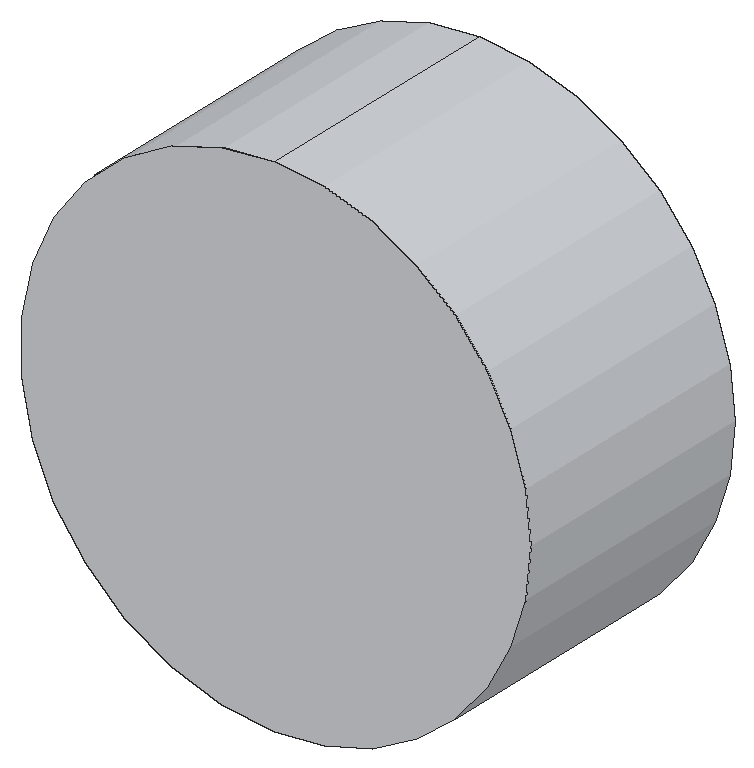
Revit family "MULTS41101070", category Generic Models, Revit 2018
Family settings
  Can host rebar = No
  Round Connector Dimension = Use Diameter
  Part Type = Normal
  OmniClass Number = 23.60.30.14
  OmniClass Title = Ducting and Wireways for General Use
  Work Plane-Based = No
  Always vertical = Yes
  Cut with Voids When Loaded = No
  Shared = No
  Room Calculation Point = No
Parameters (values of type "Standard")
  URL = "https://trekput.nl/productPage.php?id=MULTS41101070"
  Model = "MULTS41101070"
  Manufacturer = "PowerCast"
  Description = "Multiduct Tube section 4x110x1070"
Reference planes
  plane 1 "Center (Front/Back)": y = 0
  plane 2: z = 0
  plane 3 "Center (Left/Right)": x = 0
Forms (mm)
  Extrusion 1, solid
    sketch origin (0, -535.25, 0) x (0, 0, -1) y (1, 0, 0)
      loop
        circle (0, 0) r 3.048
    from 0 to -3.048
Dimensions and locks
  aligned and locked: level to plane 2
Connectors
  hvac at (0, -535.25, 0)
    settings: on Extrusion 1, index 1, duct flow 0.0 L/s, flow factor 0, pres drop 0.0 Pa, loss coef 0, conn angle 0.00°, conn width 304.8 mm, conn height 304.8 mm, conn diameter 609.6 mm, duct sys type 29, conn prof type 1, flow config 1, flow direction 1, loss method 0, conn ref index -1, conn util no, is conn primary yes, conn desc "Multiduct 4*110"
